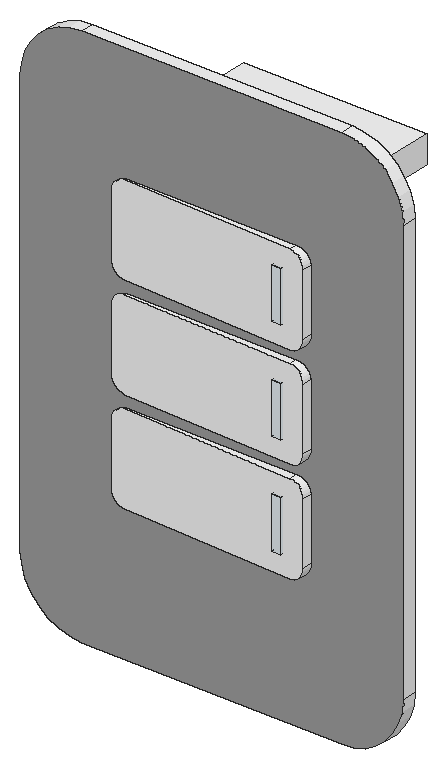
Revit family "EF_Veti-2x4-3-Lever-Switch-Horizontal", category Electrical Fixtures, Revit 2016
Family settings
  Maintain Annotation Orientation = No
  Part Type = Switch
  Round Connector Dimension = Use Diameter
  Work Plane-Based = No
  Always vertical = Yes
  Cut with Voids When Loaded = No
  Shared = No
  Room Calculation Point = No
Parameters (values of type "3 Lever Switch Horizontal")
  Voltage_x = 220 V
  URL for TCP = "http://www.tcpbim.co.za"
  URL = "http://www.major-tech.com/15-veti"
  Type Comments = "Switches"
  Switch Voltage = Voltage_x  # 220 V
  Switch Height [instance] = 1200 mm
  Materials [instance] = 0 mm
  Manufacturer = "VETI"
  Made by = "Tolani Civil Projects cc"
  Load = 2860 VA
  Description = "2x4 3 Lever Switch Horizontal"
  Amperage = 16 A
Reference planes
  plane 1 "Center (Front/Back)": y = 0
  plane 2: z = 0
  plane 3 "Center (Left/Right)": x = 0
Forms (mm)
  Extrusion 1, solid, material "Plastic White"
    sketch origin (-181.105, 75, 0) x (1, 0, 0) y (0, 0, 1)
      loop
        arc (133.605, 1400) -> (117.695, 1393.41) -> (111.105, 1377.5) r 22.5
        line (111.105, 1377.5) -> (111.105, 1222.5)
        arc (111.105, 1222.5) -> (117.695, 1206.59) -> (133.605, 1200) r 22.5
        line (133.605, 1200) -> (228.605, 1200)
        arc (228.605, 1200) -> (244.515, 1206.59) -> (251.105, 1222.5) r 22.5
        line (251.105, 1222.5) -> (251.105, 1377.5)
        arc (251.105, 1377.5) -> (244.515, 1393.41) -> (228.605, 1400) r 22.5
        line (228.605, 1400) -> (133.605, 1400)
    from 75 to 80
  Extrusion 2, solid, material "Plastic White"
    sketch origin (-181.105, 0, 0) x (-1, 0, 0) y (0, 0, 1)
      loop
        line (-214.439, 1370) -> (-214.439, 1360) -> (-147.772, 1360) -> (-147.772, 1370) -> (-214.439, 1370)
    from 0 to 51.204
Cuts and joins
  joined: Extrusion 1, Extrusion 2
Dimensions and locks
  Extrusion 1 sketch curve to Extrusion 1 sketch curve = 200 mm
  Extrusion 2 sketch curve to Extrusion 2 sketch curve to Extrusion 1 = 10 mm, 30 mm
  Extrusion 2 sketch curve to Extrusion 2 sketch curve = 66.667 mm
  cut or joined group of Extrusion 1, Extrusion 2 to cut or joined group of Extrusion 1, Extrusion 2 = 200 mm
  cut or joined group of Extrusion 1, Extrusion 2 to cut or joined group of Extrusion 1, Extrusion 2 to cut or joined group of Extrusion 1, Extrusion 2 to cut or joined group of Extrusion 1, Extrusion 2 = 30 mm locked, 10 mm locked, 160 mm locked
  cut or joined group of Extrusion 1, Extrusion 2 to cut or joined group of Extrusion 1, Extrusion 2 to cut or joined group of Extrusion 1, Extrusion 2 = 51.204 mm locked, 5 mm locked
  locked: cut or joined group of Extrusion 1, Extrusion 2 to cut or joined group of Extrusion 1, Extrusion 2 at 66.667
  locked: cut or joined group of Extrusion 1, Extrusion 2 to plane 1 "Center (Front/Back)"
  plane 3 "Center (Left/Right)" to Extrusion 1 sketch curve = 70 mm
  cut or joined group of Extrusion 1, Extrusion 2 to nested 3 to nested 2 to nested 4 to cut or joined group of Extrusion 1, Extrusion 2 = 49.526 mm locked, 37.474 mm locked, 63.25 mm locked, 49.75 mm locked
  nested 2 to nested 4 to nested 3 to plane 3 "Center (Left/Right)" = 0.123 mm locked, 7.425 mm locked, 28.479 mm locked
  "Switch Height": cut or joined group of Extrusion 1, Extrusion 2 to level
  aligned and locked: level to plane 2
  aligned and locked: nested 1 to plane 1 "Center (Front/Back)"
Automatic sketch dimensions
  Extrusion 1 sketch curve to plane 3 "Center (Left/Right)" = 47.5 mm
  plane 3 "Center (Left/Right)" to Extrusion 1 sketch curve = 47.5 mm  (x2)
  level to Extrusion 1 sketch curve = 1200 mm
  Extrusion 1 sketch curve to Extrusion 1 sketch curve = 22.5 mm  (x2)
  Extrusion 2 sketch curve to Extrusion 1 = 36.667 mm  (x2)
Nested families
  nested 1: "Power Point Test 1" at (0, 0, 0) x (-1, 0, 0) z (0, 0, 1), type "Receptacle Symbol"
  nested 2: "Switch Horizontal" at (0, -5, 167.561), type "Switch Horizontal"
  nested 3: "Switch Horizontal" at (0, -5, 205.035), type "Switch Horizontal"
  nested 4: "Switch Horizontal" at (0, -5, 130.087), type "Switch Horizontal"
Connectors
  electrical at (0, 25.602, 1370), driven by "Voltage_x", driven by "Load"
    settings: on cut or joined group of Extrusion 1, Extrusion 2, index 1, voltage 220 V, apparent load 0 VA, apparent load phase1 2860 VA, apparent load phase2 0 VA, apparent load phase3 0 VA, power factor 1, load classification "Other", number of poles 1, system type 31, power factor state 1, is connector primary yes, connector utility no, sub classification motor no, connector description ""
  electrical at (0, 25.602, 1370), driven by "Voltage_x", driven by "Load"
    settings: on cut or joined group of Extrusion 1, Extrusion 2, index 2, voltage 220 V, apparent load 0 VA, apparent load phase1 2860 VA, apparent load phase2 0 VA, apparent load phase3 0 VA, power factor 1, load classification "Other", number of poles 1, system type 31, power factor state 1, is connector primary no, connector utility no, sub classification motor no, connector description ""
  electrical at (0, 25.602, 1370), driven by "Voltage_x", driven by "Load"
    settings: on cut or joined group of Extrusion 1, Extrusion 2, index 3, voltage 220 V, apparent load 0 VA, apparent load phase1 2860 VA, apparent load phase2 0 VA, apparent load phase3 0 VA, power factor 1, load classification "Other", number of poles 1, system type 31, power factor state 1, is connector primary no, connector utility no, sub classification motor no, connector description ""
Definition of nested family "Switch Horizontal"
  Reference planes
    plane 1 "Center (Front/Back)": y = 0
    plane 2: z = 0
    plane 3 "Center (Left/Right)": x = 0
  Forms (mm)
    Extrusion 1, solid
      sketch origin (-1.598, 4.288, -0.197) x (0.999391, -0.034899, 0) y (0, 0, 1)
        loop
          arc (-29.234, 1152.636) -> (-32.77, 1151.171) -> (-34.234, 1147.636) r 5
          line (-34.234, 1147.636) -> (-34.234, 1124.86)
          arc (-34.234, 1124.86) -> (-32.77, 1121.324) -> (-29.234, 1119.86) r 5
          line (-29.234, 1119.86) -> (32.741, 1119.86)
          arc (32.741, 1119.86) -> (36.277, 1121.324) -> (37.741, 1124.86) r 5
          line (37.741, 1124.86) -> (37.741, 1147.636)
          arc (37.741, 1147.636) -> (36.277, 1151.171) -> (32.741, 1152.636) r 5
          line (32.741, 1152.636) -> (-29.234, 1152.636)
      from 6.186 to 2.672
    Extrusion 2, solid
      sketch origin (-0.469, 1.672, 0) x (0.99863, -0.052336, 0) y (0, 0, 1)
        loop
          line (28.988, 1145.439) -> (25.488, 1145.439) -> (25.488, 1126.663) -> (28.988, 1126.663) -> (28.988, 1145.439)
      from 0 to 3.974
  Dimensions and locks
    aligned and locked: plane 2 to level
Definition of nested family "Power Point Test 1"
  Parameters
    Plug Point Height = 1200 mm
  Reference planes
    plane 1: y = 0
    plane 2: x = 0
  Lines and regions (mm)
    Filled region 1, type "Filled region 1"
      outline origin (0.028, 0.162, 0) x (1, 0, 0) y (0, 1, 0)
        loop
          circle (-0.012, 2.074) r 0.25
    detail lines
      curve 1: line (-0.442, -0.034, 0) -> (-0.442, 0.736, 0)
      curve 2: arc (1.505, 0.736, 0) -> (0.005, 2.236, 0) -> (-1.495, 0.736, 0) r 1.5
      curve 3: line (0.451, -0.034, 0) -> (0.451, 0.736, 0)
      curve 4: line (-1.495, 0.736, 0) -> (1.505, 0.736, 0)
      curve 5: line (0.005, 2.236, 0) -> (0.005, 3.953, 0)
      curve 6: line (0.005, 3.953, 0) -> (0.819, 3.953, 0)
      curve 7: line (0.005, 3.432, 0) -> (0.819, 3.432, 0)
      curve 8: line (0.005, 3.704, 0) -> (0.819, 3.704, 0)
  Text (mm)
    label "A" at (-2.189, 3.565, 0), shows "Plug Point Height"
    text "S3" at (-0.646, 1.988, 0)
  Dimensions and locks
    curve 1 to curve 3 = 0.893 mm
